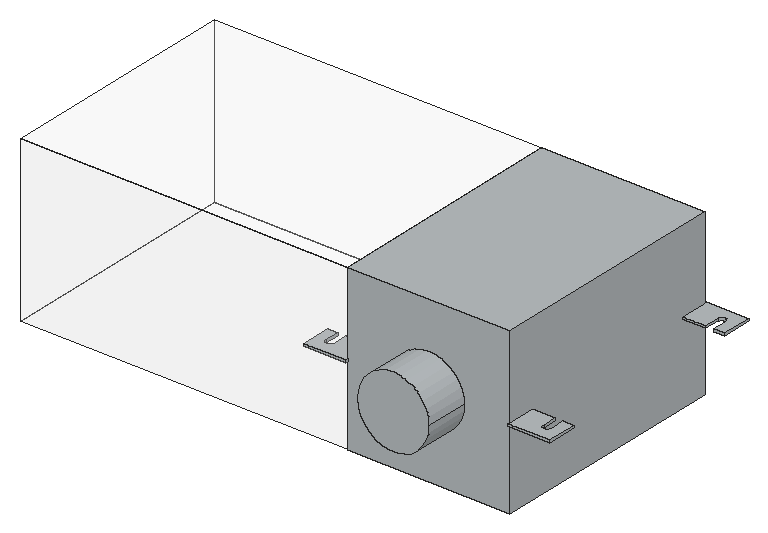
Revit family "bfs-15_240sg2_tg2_ta2_60Hz", category 機械設備, Revit 2019
Family settings
  丸型コネクタ寸法 = 直径を使用
  パーツ タイプ = 割り込み
  OmniClass 番号 = 23.75.35.17.27
  OmniClass タイトル = Centrifugal Fans
  作業面ベース = いいえ
  常に垂直 = はい
  ロード時にボイドで切り取り = いいえ
  共有 = いいえ
  部屋計算ポイント = はい
Parameters (values of type "BFS-15SG2")
  騒音レベル(dB(A))_吸込 = 30
  騒音レベル(dB(A))_吐出 = 34
  騒音レベル(dB(A))_側面 = 20
  騒音レベル(dB(A)) = 34
  風量 [instance] = 設計風量  # 0.0 m³/h
  電源種別 [instance] = "一般"
  電圧 = 100 V
  電動機出力 = 8 W
  電動機_種別 [instance] = ""
  運転質量 = 0.00 kg
  連動 [instance] = ""
  質量 = if(製品質量 > 運転質量, 製品質量, 運転質量) * 1.2  # 7.20 kg
  負荷分類 = 3_ファン類
  説明 = "ストレートシロッコファン天吊埋込タイプ（標準形）"
  設計風量 [instance] = 0.0 m³/h
  設置方法 = "天吊"
  記号 [instance] = ""
  製造元 = "三菱電機株式会社"
  製品質量 = 6.00 kg
  製品出荷対象 = "国内"
  製品リリース年月 = "2022年6月1日"
  製品グループ = ""
  系統 [instance] = ""
  符号 [instance] = if(☑給気／□排気, "FS", "FE")  # "FE"
  積算_科目 = "2 換気設備"
  積算_拾い区分 [instance] = ""
  相 = 1
  盤記号 [instance] = ""
  盤工事区分 = "電気工事"
  発停方法 [instance] = "別売スイッチ"
  番手 = "#1"
  特殊仕様 [instance] = ""
  火災停止 = ""
  消費電力 = 23.5 W
  法定耐用年数 = "15"
  機外静圧 [instance] = 0.0 Pa
  極数 = 2
  極 = 4
  材質 [instance] = ""
  本体マテリアル = 溶融亜鉛めっき鋼板
  操作・制御方式 = ""
  操作・制御スイッチ = ""
  排気量 [instance] = if(☑給気／□排気, 0.0 m³/h, 設計風量)  # 0.0 m³/h
  形式 = ""
  形名 = BFS-SG : BFS-15SG
  幹線記号 [instance] = ""
  対象室 [instance] = ""
  実風量 = 0.0 m³/h
  始動方式 [instance] = "直入"
  外気量 [instance] = if(☑給気／□排気, 設計風量, 0.0 m³/h)  # 0.0 m³/h
  呼称 = "消音ボックス付送風機"
  周波数 = 60 Hz
  天吊金具ピッチ幅 = 299 mm
  天吊金具ピッチ奥行 = 300 mm
  参照している仕様書等のバージョン = ""
  分類コード = "50052502100020"
  分類グループ = ""
  価格 = 42500
  企業コード = "108420"
  付属品_防振装置 = ""
  付属品 [instance] = ""
  仕様書バージョン = "Version1.0"
  モデル = "BFS-15SG2"
  ファンの種類 = "多翼形"
  ダクト径 = 100 mm
  サービススペース = yes
  コメント [instance] = ""
  Keynote = ""
  ☑給気／□排気 [instance] = no
  Width = 223 mm
  Version = ""
  Uniclass2015Version = "Systems v1.9"
  Uniclass2015Title = "Centrifugal fans"
  Uniclass2015Code = "Pr_65_67_29_12"
  URL = "https://www.mitsubishielectric.co.jp/ldg/wink/ssl/displayProduct.do?pid=319023"
  SpecificationReference = ""
  SpecificationDescription = ""
  Revision = ""
  ProductInformation = ""
  OmniClassCode = "23-33 31 19 13 15"
  MIN風量 = 96.0 m³/h
  MIN静圧 = 26.0 Pa
  MID風量 = 0.0 m³/h
  MID静圧 = 0.0 Pa
  MAX風量 = 150.0 m³/h
  MAX静圧 = 39.0 Pa
  M = 100 mm
  IfcTypeProduct = ""
  IfcProduct = ""
  IfcExportType = "CENTRIFUGALFORWARDCURVED"
  IfcExportAs = "IfcFanType"
  Height = 225 mm
  Depth = 335 mm
  Clearance Top = 0 mm  # constant formula
  Clearance Right = 0 mm  # constant formula
  Clearance Left = 450 mm  # constant formula
  Clearance Front = 0 mm  # constant formula
  Clearance Bottom = 0 mm  # constant formula
  Clearance Back = 0 mm  # constant formula
  Author = "三菱電機株式会社"
Types (18, lengths in mm): name | 騒音レベル(dB(A))_吸込 | 騒音レベル(dB(A))_吐出 | 騒音レベル(dB(A))_側面 | 騒音レベル(dB(A)) | 電圧 | 電動機出力 | 質量 | 製品質量 | 相 | 番手 | 消費電力 | 極数 | 形名 | 天吊金具ピッチ幅 | 天吊金具ピッチ奥行 | 参照している仕様書等のバージョン | 価格 | モデル | ダクト径 | Width | URL | MIN風量 | MIN静圧 | MAX風量 | MAX静圧 | M | Height | Depth
  BFS-15SG2 | 30 | 34 | 20 | 34 | 100 V | 8 W | 7.20 kg | 6.00 kg | 1 | "#1" | 23.5 W | 2 | BFS-SG : BFS-15SG | 299 | 300 | "" | 42500 | "BFS-15SG2" | 100 | 223 | "https://www.mitsubishielectric.co.jp/ldg/wink/ssl/displayProduct.do?pid=319023" | 96.0 m³/h | 26.0 Pa | 150.0 m³/h | 39.0 Pa | 100 | 225 | 335
  BFS-30SG2 | 36 | 40 | 23.5 | 40 | 100 V | 16 W | 7.20 kg | 6.00 kg | 1 | "#1" | 43.5 W | 2 | BFS-SG : BFS-30SG | 299 | 300 | "" | 61500 | "BFS-30SG2" | 150 | 223 | "https://www.mitsubishielectric.co.jp/ldg/wink/ssl/displayProduct.do?pid=319096" | 182.0 m³/h | 15.0 Pa | 300.0 m³/h | 39.0 Pa | 100 | 225 | 335
  BFS-40SG2 | 38 | 44 | 27 | 44 | 100 V | 25 W | 9.60 kg | 8.00 kg | 1 | "#1 1/4" | 66 W | 2 | BFS-SG : BFS-40SG | 331 | 353 | "" | 72600 | "BFS-40SG2" | 150 | 255 | "https://www.mitsubishielectric.co.jp/ldg/wink/ssl/displayProduct.do?pid=319101" | 273.0 m³/h | 30.0 Pa | 400.0 m³/h | 59.0 Pa | 100 | 255 | 388
  BFS-50SG2 | 37.5 | 49 | 25.5 | 49 | 100 V | 45 W | 12.60 kg | 10.50 kg | 1 | "#1 1/4" | 87.5 W | 2 | BFS-SG : BFS-50SG | 401 | 388 | "公共建築工事標準仕様書（機械設備工事編）平成31年度版" | 103000 | "BFS-50SG2" | 200 | 325 | "https://www.mitsubishielectric.co.jp/ldg/wink/ssl/displayProduct.do?pid=319109" | 380.0 m³/h | 100.0 Pa | 500.0 m³/h | 130.0 Pa | 100 | 255 | 423
  BFS-65SG2 | 38 | 51 | 29 | 51 | 100 V | 65 W | 15.60 kg | 13.00 kg | 1 | "#1 1/4" | 126 W | 2 | BFS-SG : BFS-65SG | 449 | 453 | "公共建築工事標準仕様書（機械設備工事編）平成31年度版" | 109000 | "BFS-65SG2" | 200 | 373 | "https://www.mitsubishielectric.co.jp/ldg/wink/ssl/displayProduct.do?pid=319120" | 498.0 m³/h | 91.0 Pa | 650.0 m³/h | 118.0 Pa | 100 | 305 | 488
  BFS-80SG2 | 39.5 | 53 | 30.5 | 53 | 100 V | 80 W | 16.20 kg | 13.50 kg | 1 | "#1 1/4" | 155 W | 2 | BFS-SG : BFS-80SG | 449 | 453 | "公共建築工事標準仕様書（機械設備工事編）平成31年度版" | 115000 | "BFS-80SG2" | 200 | 373 | "https://www.mitsubishielectric.co.jp/ldg/wink/ssl/displayProduct.do?pid=318896" | 600.0 m³/h | 88.0 Pa | 800.0 m³/h | 98.0 Pa | 100 | 305 | 488
  BFS-90SG2 | 41 | 55 | 32 | 55 | 100 V | 110 W | 18.60 kg | 15.50 kg | 1 | "#1 1/2" | 205 W | 2 | BFS-SG : BFS-90SG | 469 | 453 | "公共建築工事標準仕様書（機械設備工事編）平成31年度版" | 122000 | "BFS-90SG2" | 200 | 393 | "https://www.mitsubishielectric.co.jp/ldg/wink/ssl/displayProduct.do?pid=318809" | 684.0 m³/h | 110.0 Pa | 900.0 m³/h | 128.0 Pa | 100 | 305 | 488
  BFS-100SG2 | 43 | 58 | 34.5 | 58 | 100 V | 160 W | 19.20 kg | 16.00 kg | 1 | "#1 1/2" | 247 W | 2 | BFS-SG : BFS-100SG | 469 | 453 | "公共建築工事標準仕様書（機械設備工事編）平成31年度版" | 129000 | "BFS-100SG2" | 200 | 393 | "https://www.mitsubishielectric.co.jp/ldg/wink/ssl/displayProduct.do?pid=318845" | 865.0 m³/h | 187.0 Pa | 1000.0 m³/h | 145.0 Pa | 100 | 305 | 488
  BFS-120SG2 | 46.5 | 59 | 34.5 | 59 | 100 V | 200 W | 23.40 kg | 19.50 kg | 1 | "#1 1/2" | 352 W | 2 | BFS-SG : BFS-120SG | 467 | 555 | "公共建築工事標準仕様書（機械設備工事編）平成31年度版" | 140000 | "BFS-120SG2" | 250 | 391 | "https://www.mitsubishielectric.co.jp/ldg/wink/ssl/displayProduct.do?pid=318949" | 1030.0 m³/h | 195.0 Pa | 1200.0 m³/h | 220.0 Pa | 100 | 350 | 590
  BFS-150SG2 | 50 | 63 | 37.5 | 63 | 100 V | 340 W | 23.40 kg | 19.50 kg | 1 | "#1 1/2" | 498 W | 2 | BFS-SG : BFS-150SG | 467 | 555 | "公共建築工事標準仕様書（機械設備工事編）平成31年度版" | 149000 | "BFS-150SG2" | 250 | 391 | "https://www.mitsubishielectric.co.jp/ldg/wink/ssl/displayProduct.do?pid=318957" | 1243.0 m³/h | 184.0 Pa | 1500.0 m³/h | 180.0 Pa | 100 | 350 | 590
  BFS-80TG2 | 40 | 53 | 31.5 | 53 | 200 V | 80 W | 18.00 kg | 15.00 kg | 3 | "#1 1/4" | 148 W | 3 | BFS-TG : BFS-80TG | 449 | 453 | "公共建築工事標準仕様書（機械設備工事編）平成31年度版" | 115000 | "BFS-80TG2" | 200 | 373 | "https://www.mitsubishielectric.co.jp/ldg/wink/ssl/displayProduct.do?pid=318465" | 550.0 m³/h | 73.0 Pa | 800.0 m³/h | 98.0 Pa | 85 | 305 | 488
  BFS-90TG2 | 41 | 55 | 34 | 55 | 200 V | 100 W | 18.60 kg | 15.50 kg | 3 | "#1 1/2" | 194 W | 3 | BFS-TG : BFS-90TG | 469 | 453 | "公共建築工事標準仕様書（機械設備工事編）平成31年度版" | 122000 | "BFS-90TG2" | 200 | 393 | "https://www.mitsubishielectric.co.jp/ldg/wink/ssl/displayProduct.do?pid=318811" | 640.0 m³/h | 96.0 Pa | 900.0 m³/h | 128.0 Pa | 85 | 305 | 488
  BFS-100TG2 | 43 | 58 | 34 | 58 | 200 V | 150 W | 18.60 kg | 15.50 kg | 3 | "#1 1/2" | 237 W | 3 | BFS-TG : BFS-100TG | 469 | 453 | "公共建築工事標準仕様書（機械設備工事編）平成31年度版" | 129000 | "BFS-100TG2" | 200 | 393 | "https://www.mitsubishielectric.co.jp/ldg/wink/ssl/displayProduct.do?pid=318946" | 678.0 m³/h | 115.0 Pa | 1000.0 m³/h | 145.0 Pa | 85 | 305 | 488
  BFS-120TG2 | 46.5 | 58 | 35.5 | 58 | 200 V | 180 W | 23.40 kg | 19.50 kg | 3 | "#1 1/2" | 342 W | 3 | BFS-TG : BFS-120TG | 467 | 555 | "公共建築工事標準仕様書（機械設備工事編）平成31年度版" | 140000 | "BFS-120TG2" | 250 | 391 | "https://www.mitsubishielectric.co.jp/ldg/wink/ssl/displayProduct.do?pid=318953" | 821.0 m³/h | 121.0 Pa | 1200.0 m³/h | 220.0 Pa | 85 | 350 | 590
  BFS-150TG2 | 50 | 63 | 37.5 | 63 | 200 V | 280 W | 24.00 kg | 20.00 kg | 3 | "#1 1/2" | 440 W | 3 | BFS-TG : BFS-150TG | 467 | 555 | "公共建築工事標準仕様書（機械設備工事編）平成31年度版" | 149000 | "BFS-150TG2" | 250 | 391 | "https://www.mitsubishielectric.co.jp/ldg/wink/ssl/displayProduct.do?pid=318965" | 1057.0 m³/h | 132.0 Pa | 1500.0 m³/h | 180.0 Pa | 85 | 350 | 590
  BFS-180TG2 | 50 | 64 | 38.5 | 64 | 200 V | 360 W | 27.00 kg | 22.50 kg | 3 | "#1 1/2" | 573 W | 3 | BFS-TG : BFS-180TG | 552 | 610 | "公共建築工事標準仕様書（機械設備工事編）平成31年度版" | 170000 | "BFS-180TG2" | 250 | 476 | "https://www.mitsubishielectric.co.jp/ldg/wink/ssl/displayProduct.do?pid=319027" | 0.0 m³/h | 0.0 Pa | 1800.0 m³/h | 167.0 Pa | 85 | 350 | 645
  BFS-210TG2 | 52.5 | 67 | 40 | 67 | 200 V | 490 W | 27.00 kg | 22.50 kg | 3 | "#1 1/2" | 665 W | 3 | BFS-TG : BFS-210TG | 552 | 610 | "公共建築工事標準仕様書（機械設備工事編）平成31年度版" | 243000 | "BFS-210TG2" | 300 | 476 | "https://www.mitsubishielectric.co.jp/ldg/wink/ssl/displayProduct.do?pid=319036" | 0.0 m³/h | 0.0 Pa | 2100.0 m³/h | 191.0 Pa | 100 | 350 | 645
  BFS-240TA2 | 51.5 | 69 | 42.5 | 69 | 200 V | 1100 W | 39.60 kg | 33.00 kg | 3 | "#1 1/2" | 810 W | 3 | BFS-TG : BFS-240TA | 602 | 664 | "公共建築工事標準仕様書（機械設備工事編）平成31年度版" | 250000 | "BFS-240TA2" | 300 | 493 | "https://www.mitsubishielectric.co.jp/ldg/wink/ssl/displayProduct.do?pid=319087" | 0.0 m³/h | 0.0 Pa | 2400.0 m³/h | 220.0 Pa | 100 | 373 | 717
Reference planes
  plane 1 "中心(正面/背面)": y = 0
  plane 2: z = 0
  plane 3 "中心(左/右)": x = -50
  plane 4 "左": x = -161.5
  plane 5 "右": x = 61.5
  plane 6 "背面": y = 167.5
  plane 7 "正面": y = -167.5
  plane 8: z = 112.5
  plane 9: y = 150
  plane 10: y = -150
  plane 11: x = 99.5
  plane 12: x = -199.5
  plane 13: z = -112.5
  plane 14: y = 167.5
  plane 15: y = -167.5
  plane 16: x = 61.5
  plane 17: x = -611.5
  plane 18: z = 112.5
  plane 19: z = -112.5
Lines and regions (mm)
  Masking region 1, detail levels coarse+medium
    outline origin (-485.612, -827.334, 0) x (1, 0, 0) y (0, 1, 0)
      loop
        line (324.112, 659.834) -> (547.112, 659.834) -> (547.112, 994.834) -> (324.112, 994.834) -> (324.112, 659.834)
  symbolic lines, detail levels coarse+medium
    curve 1: line (-161.5, 167.5, 0) -> (61.5, 0, 0)
    curve 2: line (61.5, 0, 0) -> (-161.5, -167.5, 0)
Dimensions and locks
  "Width": plane 4 "左" to plane 5 "右"
  equal spacing: plane 7 "正面", plane 1 "中心(正面/背面)", plane 6 "背面"
  "Depth": plane 7 "正面" to plane 6 "背面"
  equal spacing: plane 8, level, plane 13
  "Height": plane 8 to plane 13
  "Clearance Top": plane 18 to plane 8
  "Clearance Bottom": plane 13 to plane 19
  "Clearance Back": plane 6 "背面" to plane 14
  "Clearance Front": plane 15 to plane 7 "正面"
  "Clearance Left": plane 17 to plane 4 "左"
  "Clearance Right": plane 5 "右" to plane 16
  "天吊金具ピッチ幅": plane 12 to plane 11
  equal spacing: plane 10, plane 1 "中心(正面/背面)", plane 9
  "天吊金具ピッチ奥行": plane 10 to plane 9
  equal spacing: plane 12, plane 3 "中心(左/右)", plane 11
  equal spacing: plane 4 "左", plane 3 "中心(左/右)", plane 5 "右"
  aligned and locked: level to plane 2
  aligned and locked: nested 2 to plane 9
  aligned and locked: plane 10 to nested 2
  aligned and locked: plane 12 to nested 2
  aligned and locked: plane 11 to nested 2
  aligned and locked: plane 8 to nested 1
  aligned and locked: nested 1 to plane 13
  aligned and locked: plane 17 to nested 3
  aligned and locked: plane 18 to nested 3
  aligned and locked: plane 19 to nested 3
  aligned and locked: plane 1 "中心(正面/背面)" to nested 1
  aligned and locked: plane 14 to nested 3
  aligned and locked: plane 15 to nested 3
  aligned and locked: plane 4 "左" to nested 3
  aligned and locked: nested 1 to plane 3 "中心(左/右)"
  aligned and locked: plane 5 "右" to Masking region 1
  aligned and locked: Masking region 1 to plane 4 "左"
  aligned and locked: Masking region 1 to plane 6 "背面"
  aligned and locked: plane 7 "正面" to Masking region 1
Automatic sketch dimensions
  plane 17 to Masking region 1 sketch curve = 450 mm
  plane 3 "中心(左/右)" to Masking region 1 sketch curve = 111.5 mm
  plane 7 "正面" to Masking region 1 sketch curve = 0 mm
  Masking region 1 sketch curve to plane 10 = 317.5 mm
  curve 2 to plane 4 "左" = 0 mm
  curve 1 to plane 4 "左" = 0 mm
  curve 2 to plane 5 "右" = 0 mm
  plane 1 "中心(正面/背面)" to curve 1 = 0 mm
  plane 7 "正面" to curve 2 = 0 mm
  plane 6 "背面" to curve 1 = 0 mm
Nested families
  nested 1: "BFS-SG" at (-50, 0, -112.5) x (0, -1, 0) z (0, 0, 1), type <- "形名", type "BFS-15SG"
  nested 2: "固定点" at (-199.5, -150, 0), type "固定点"
    with W 299 mm, D 300 mm
  nested 3: "サービススペース" at (-386.5, 0, 0), visible <- "サービススペース", type "サービススペース"
    with Width 450 mm, Height 225 mm, Depth 335 mm
Connectors
  hvac at (-50, -227.5, 0), driven by "ダクト径", driven by "機外静圧", driven by "風量"
    settings: on nested 1, index 2, duct flow 0.0 m³/h, flow factor 0, pres drop 0.0 Pa, loss coef 0, conn angle 0.00°, conn width 304.8 mm, conn height 304.8 mm, conn diameter 100 mm, duct sys type 29, conn prof type 0, flow config 0, flow direction 2, loss method 4, conn ref index -1, conn util no, is conn primary yes, conn desc "Out"
  hvac at (-50, 227.5, 0), driven by "ダクト径", driven by "機外静圧", driven by "風量"
    settings: on nested 1, index 3, duct flow 0.0 m³/h, flow factor 0, pres drop 0.0 Pa, loss coef 0, conn angle 0.00°, conn width 304.8 mm, conn height 304.8 mm, conn diameter 100 mm, duct sys type 29, conn prof type 0, flow config 0, flow direction 1, loss method 4, conn ref index -1, conn util no, is conn primary no, conn desc "In"
  electrical at (-182.1, -48.05, -20.1), driven by "極数", driven by "負荷分類", driven by "電圧", driven by "消費電力", driven by "消費電力"
    settings: on nested 1, index 4, voltage 100 V, apparent load 23.5 VA, apparent load phase1 23.5 VA, apparent load phase2 0 VA, apparent load phase3 0 VA, power factor 1, load classification "3_ファン類", number of poles 2, system type 30, power factor state 1, is connector primary yes, connector utility no, sub classification motor no, connector description ""
Definition of nested family "BFS-SG"
  Parameters (values of type "BFS-15SG")
    端子カバー高 = 99 mm  # constant formula
    端子カバー手前位置 = 53.7 mm
    端子カバー幅 = 20.6 mm  # constant formula
    端子カバー奥行 = 131.5 mm  # constant formula
    端子カバー上位置 = 83.1 mm
    マテリアル = none
    φ = 98 mm
    Φ = 110 mm
    b = 234 mm
    a = 60 mm
    W = 335 mm
    H = 225 mm
    c = 42 mm
    D = 223 mm
  Types (10, lengths in mm): name | 端子カバー手前位置 | 端子カバー上位置 | φ | Φ | b | a | W | H | c | D
    BFS-15SG | 53.7 | 83.1 | 98 | 110 | 234 | 60 | 335 | 225 | 42 | 223
    BFS-30SG | 53.7 | 83.1 | 142 | 160 | 234 | 70 | 335 | 225 | 42 | 223
    BFS-40SG | 62.3 | 106.7 | 142 | 160 | 291 | 70 | 388 | 255 | 51 | 255
    BFS-50SG | 62.3 | 106.7 | 192 | 208 | 264 | 85 | 423 | 255 | 51 | 325
    BFS-65SG | 63.9 | 139.9 | 192 | 208 | 391 | 85 | 488 | 305 | 52 | 373
    BFS-80SG | 63.9 | 139.9 | 192 | 208 | 391 | 85 | 488 | 305 | 52 | 373
    BFS-90SG | 63.9 | 139 | 192 | 208 | 391 | 85 | 488 | 305 | 52 | 393
    BFS-100SG | 63.9 | 139 | 192 | 208 | 391 | 85 | 488 | 305 | 52 | 393
    BFS-120SG | 81.3 | 54.9 | 242 | 258 | 391 | 85 | 590 | 350 | 70 | 391
    BFS-150SG | 81.3 | 54.9 | 242 | 258 | 391 | 85 | 590 | 350 | 70 | 391
  Reference planes
    plane 1 "中心(正面/背面)": y = 0
    plane 2: z = 0
    plane 3 "中心(左/右)": x = 0
    plane 4: y = 111.5
    plane 5: y = 149.5
    plane 6: y = 169.5
    plane 7: y = -111.5
    plane 8: y = -149.5
    plane 9: y = -169.5
    plane 10: x = -167.5
    plane 11: x = -150
    plane 12: x = -170.5
    plane 13: x = 167.5
    plane 14: x = 150
    plane 15: x = 170.5
    plane 16: z = 225
    plane 17: z = 600
    plane 18: z = 900
    plane 19: z = 1200
    plane 20: x = -120.2
    plane 21: x = 113.8
    plane 22: x = 227.5
    plane 23: x = -227.5
    plane 24: z = 112.5
    plane 25: z = 109.5
    plane 26: z = 71.5
    plane 27: x = -129.5
    plane 28: y = -114.5
    plane 29: z = 94.5
    plane 30: x = 129.5
    plane 31: y = 114.5
    plane 32: x = -17.7
    plane 33: z = 141.9
    plane 34: z = 42.9
    plane 35: y = -132.1
    plane 36: z = 131.9
    plane 37: z = 52.9
    plane 38: x = 93.8
    plane 39: x = 2.3
  Forms (mm)
    Extrusion 1, solid, material <- "マテリアル", detail levels fine
      sketch origin (0, 0, 0) x (1, 0, 0) y (0, 1, 0)
        loop
          line (-167.5, 111.5) -> (-167.5, -111.5) -> (167.5, -111.5) -> (167.5, 111.5) -> (-167.5, 111.5)
      from 0 to 225
    Extrusion 2, solid, material <- "マテリアル", detail levels fine
      sketch origin (0, 0, 0) x (1, 0, 0) y (0, 1, 0)
        loop
          line (-170.5, -111.5) -> (-170.5, -169.5) -> (-129.5, -169.5) -> (-129.5, -155) -> (-150, -155)
          arc (-150, -155) -> (-155.5, -149.5) -> (-150, -144) r 5.5
          line (-150, -144) -> (-129.5, -144) -> (-129.5, -111.5) -> (-170.5, -111.5)
      from 109.5 to 112.5
    Extrusion 3, solid, material <- "マテリアル", detail levels fine
      sketch origin (0, 0, 0) x (1, 0, 0) y (0, 1, 0)
        loop
          line (-170.5, 111.5) -> (-129.5, 111.5) -> (-129.5, 144) -> (-150, 144)
          arc (-150, 144) -> (-155.5, 149.5) -> (-150, 155) r 5.5
          line (-150, 155) -> (-129.5, 155) -> (-129.5, 169.5) -> (-170.5, 169.5) -> (-170.5, 111.5)
      from 109.5 to 112.5
    Extrusion 4, solid, material <- "マテリアル", detail levels fine
      sketch origin (0, 0, 0) x (-1, 0, 0) y (0, -1, 0)
        loop
          line (-170.5, -111.5) -> (-170.5, -169.5) -> (-129.5, -169.5) -> (-129.5, -155) -> (-150, -155)
          arc (-150, -155) -> (-155.5, -149.5) -> (-150, -144) r 5.5
          line (-150, -144) -> (-129.5, -144) -> (-129.5, -111.5) -> (-170.5, -111.5)
      from 109.5 to 112.5
    Extrusion 5, solid, material <- "マテリアル", detail levels fine
      sketch origin (0, 0, 0) x (-1, 0, 0) y (0, -1, 0)
        loop
          line (-170.5, 111.5) -> (-129.5, 111.5) -> (-129.5, 144) -> (-150, 144)
          arc (-150, 144) -> (-155.5, 149.5) -> (-150, 155) r 5.5
          line (-150, 155) -> (-129.5, 155) -> (-129.5, 169.5) -> (-170.5, 169.5) -> (-170.5, 111.5)
      from 109.5 to 112.5
    Extrusion 6, solid, material <- "マテリアル", detail levels fine
      sketch origin (0, 0, 0) x (0, 1, 0) y (0, 0, 1)
        loop
          circle (0, 112.5) r 49
      from -167.5 to -227.5
    Extrusion 7, solid, material <- "マテリアル", detail levels fine
      sketch origin (0, 0, 0) x (0, 1, 0) y (0, 0, -1)
        loop
          circle (0, -112.5) r 49
      from -167.5 to -227.5
    Extrusion 8, solid, material <- "マテリアル", detail levels fine
      sketch origin (0, 0, 0) x (1, 0, 0) y (0, 0, 1)
        loop
          line (113.8, 141.9) -> (-17.7, 141.9) -> (-17.7, 42.9) -> (113.8, 42.9) -> (113.8, 141.9)
      from 111.5 to 132.1
  Dimensions and locks
    plane 12 to plane 15 = 341 mm
    plane 11 to plane 14 = 300 mm
    "W": plane 10 to plane 13
    plane 9 to plane 6 = 339 mm
    plane 8 to plane 5 = 299 mm
    "D": plane 7 to plane 4
    equal spacing: plane 7, plane 1 "中心(正面/背面)", plane 4
    equal spacing: plane 10, plane 3 "中心(左/右)", plane 13
    "H": plane 16 to level
    locked: plane 4 to plane 5 at 38
    locked: plane 5 to plane 6 at 20
    locked: plane 8 to plane 7 at 38
    locked: plane 9 to plane 8 at 20
    locked: plane 10 to plane 11 at 17.5
    locked: plane 14 to plane 13 at 17.5
    locked: plane 13 to plane 15 at 3
    locked: plane 12 to plane 10 at 3
    equal spacing: plane 16, plane 24, level
    locked: plane 24 to plane 25 at 3
    locked: plane 24 to plane 26 at 41
    locked: plane 12 to plane 27 at 41
    locked: plane 28 to plane 7 at 3
    locked: plane 25 to plane 29 at 15
    locked: plane 30 to plane 15 at 41
    locked: plane 31 to plane 4 at 3
    "a": plane 23 to plane 10
    "a": plane 13 to plane 22
    "端子カバー手前位置": plane 13 to plane 21
    "b": plane 21 to plane 20
    "端子カバー奥行": plane 21 to plane 32
    "端子カバー高": plane 33 to plane 34
    "端子カバー幅": plane 35 to plane 7
    locked: plane 33 to plane 36 at 10
    locked: plane 37 to plane 34 at 10
    locked: plane 39 to plane 32 at 20
    locked: plane 21 to plane 38 at 20
    "端子カバー上位置": plane 16 to plane 33
    "φ": diameter of Extrusion 6 sketch curve
    "φ": diameter of Extrusion 7 sketch curve
    aligned and locked: level to plane 2
    aligned and locked: plane 4 to Extrusion 1 sketch curve
    aligned and locked: plane 10 to Extrusion 1 sketch curve
    aligned and locked: Extrusion 1 sketch curve to plane 7
    aligned and locked: Extrusion 1 sketch curve to plane 13
    aligned and locked: plane 16 to Extrusion 1
    aligned and locked: plane 7 to Extrusion 2 sketch curve
    aligned and locked: plane 12 to Extrusion 2 sketch curve
    aligned and locked: Extrusion 2 sketch curve to plane 9
    aligned and locked: Extrusion 2 sketch curve to plane 27  (x2)
    aligned and locked: plane 11 to Extrusion 2 sketch curve
    aligned and locked: plane 8 to Extrusion 2 sketch curve
    aligned and locked: plane 24 to Extrusion 2
    aligned and locked: Extrusion 2 to plane 25
    aligned and locked: plane 27 to Extrusion 3 sketch curve  (x2)
    aligned and locked: plane 5 to Extrusion 3 sketch curve
    aligned and locked: plane 11 to Extrusion 3 sketch curve
    aligned and locked: Extrusion 3 sketch curve to plane 6
    aligned and locked: Extrusion 3 sketch curve to plane 12
    aligned and locked: plane 4 to Extrusion 3 sketch curve
    aligned and locked: plane 24 to Extrusion 3
    aligned and locked: Extrusion 3 to plane 25
    aligned and locked: Extrusion 4 to plane 6
    aligned and locked: plane 15 to Extrusion 4
    aligned and locked: Extrusion 4 to plane 30
    aligned and locked: plane 30 to Extrusion 4 sketch curve  (x2)
    aligned and locked: plane 6 to Extrusion 4 sketch curve
    aligned and locked: Extrusion 4 sketch curve to plane 15
    aligned and locked: plane 5 to Extrusion 4 sketch curve
    aligned and locked: plane 14 to Extrusion 4 sketch curve
    aligned and locked: Extrusion 4 sketch curve to plane 4
    aligned and locked: Extrusion 4 to plane 25
    aligned and locked: plane 24 to Extrusion 4
    aligned and locked: plane 9 to Extrusion 5 sketch curve
    aligned and locked: plane 15 to Extrusion 5 sketch curve
    aligned and locked: Extrusion 5 sketch curve to plane 7
    aligned and locked: Extrusion 5 sketch curve to plane 30  (x2)
    aligned and locked: plane 14 to Extrusion 5 sketch curve
    aligned and locked: plane 8 to Extrusion 5 sketch curve
    aligned and locked: Extrusion 5 to plane 25
    aligned and locked: plane 24 to Extrusion 5
    aligned and locked: plane 1 "中心(正面/背面)" to Extrusion 6 sketch curve
    aligned and locked: plane 24 to Extrusion 6 sketch curve
    aligned and locked: Extrusion 6 to plane 23
    aligned and locked: plane 24 to Extrusion 7 sketch curve
    aligned and locked: plane 1 "中心(正面/背面)" to Extrusion 7 sketch curve
    aligned and locked: plane 22 to Extrusion 7
    aligned and locked: plane 33 to Extrusion 8 sketch curve
    aligned and locked: plane 21 to Extrusion 8 sketch curve
    aligned and locked: Extrusion 8 sketch curve to plane 34
    aligned and locked: Extrusion 8 sketch curve to plane 32
    aligned and locked: Extrusion 8 to plane 7
    aligned and locked: plane 35 to Extrusion 8
    aligned and locked: Extrusion 7 to plane 13
    aligned and locked: plane 10 to Extrusion 6
  Automatic sketch dimensions
    Extrusion 2 sketch curve to plane 11 = 0 mm
    plane 8 to Extrusion 2 sketch curve = 5.5 mm
    Extrusion 3 sketch curve to plane 11 = 0 mm
    plane 5 to Extrusion 3 sketch curve = 5.5 mm
    Extrusion 4 sketch curve to plane 14 = 0 mm
    Extrusion 4 sketch curve to plane 5 = 5.5 mm
    Extrusion 5 sketch curve to plane 14 = 0 mm
    Extrusion 5 sketch curve to plane 8 = 5.5 mm
Definition of nested family "サービススペース"
  Parameters (values of type "サービススペース")
    Width [instance] = 500 mm
    Height [instance] = 500 mm
    Depth [instance] = 500 mm
  Reference planes
    plane 1 "中心(正面/背面)": y = 0
    plane 2: z = 0
    plane 3 "中心(左/右)": x = 0
    plane 4: y = -250
    plane 5: x = 250
    plane 6: y = 250
    plane 7: x = -250
    plane 8: z = 250
    plane 9: z = -250
  Forms (mm)
    Extrusion 1, solid
      sketch origin (-638.939, 0, 72.39) x (1, 0, 0) y (0, 1, 0)
        loop
          line (388.939, 250) -> (388.939, -250) -> (888.939, -250) -> (888.939, 250) -> (388.939, 250)
      from -322.39 to 177.61
  Lines and regions (mm)
    symbolic lines
      curve 1: line (-250, 0, 250) -> (250, 0, 250)
      curve 2: line (-250, 0, -250) -> (-250, 0, 250)
      curve 3: line (250, 0, -250) -> (-250, 0, -250)
      curve 4: line (250, 0, 250) -> (250, 0, -250)
      curve 5: line (0, -250, 250) -> (0, 250, 250)
      curve 6: line (0, -250, -250) -> (0, -250, 250)
      curve 7: line (0, 250, -250) -> (0, -250, -250)
      curve 8: line (0, 250, 250) -> (0, 250, -250)
      curve 9: line (-250, 250, 0) -> (250, 250, 0)
      curve 10: line (-250, -250, 0) -> (-250, 250, 0)
      curve 11: line (250, -250, 0) -> (-250, -250, 0)
      curve 12: line (250, 250, 0) -> (250, -250, 0)
  Dimensions and locks
    equal spacing: plane 7, plane 3 "中心(左/右)", plane 5
    equal spacing: plane 4, plane 1 "中心(正面/背面)", plane 6
    "Depth": plane 4 to plane 6
    "Width": plane 7 to plane 5
    equal spacing: plane 8, plane 2, plane 9
    "Height": plane 8 to plane 9
    aligned and locked: plane 9 to curve 3
    aligned and locked: plane 7 to curve 2
    aligned and locked: curve 4 to plane 5
    aligned and locked: plane 5 to Extrusion 1
    aligned and locked: Extrusion 1 to plane 7
    aligned and locked: Extrusion 1 to plane 9
    aligned and locked: plane 8 to Extrusion 1
    aligned and locked: plane 9 to curve 7
  Automatic sketch dimensions
    plane 4 to Extrusion 1 sketch curve = 0 mm
    Extrusion 1 sketch curve to plane 7 = 0 mm
    Extrusion 1 sketch curve to plane 5 = 0 mm
    plane 6 to Extrusion 1 sketch curve = 0 mm
    curve 2 to plane 8 = 0 mm
    plane 4 to curve 11 = 0 mm
    curve 11 to plane 7 = 0 mm
    curve 11 to plane 5 = 0 mm
    plane 6 to curve 10 = 0 mm
    curve 7 to plane 4 = 0 mm
    curve 7 to plane 6 = 0 mm
    curve 6 to plane 8 = 0 mm
Definition of nested family "固定点"
  Parameters (values of type "固定点")
    中心円 = 11 mm
    W [instance] = 1000 mm
    D [instance] = 1000 mm
  Reference planes
    plane 1 "中心(正面/背面)": y = 0
    plane 2: z = 0
    plane 3 "中心(左/右)": x = 0
    plane 4: x = 1000
    plane 5: y = 1000
  Lines and regions (mm)
    symbolic lines, detail levels fine
      curve 1: circle (0, 1000, 0) r 5.5 normal (0, 0, 1)
      curve 2: circle (0, 0, 0) r 5.5 normal (0, 0, 1)
      curve 3: circle (1000, 1000, 0) r 5.5 normal (0, 0, 1)
      curve 4: circle (1000, 0, 0) r 5.5 normal (0, 0, 1)
      curve 5: line (-200, 1000, 0) -> (1200, 1000, 0)
      curve 6: line (-200, 0, 0) -> (1200, 0, 0)
      curve 7: line (0, 1200, 0) -> (0, -200, 0)
      curve 8: line (1000, 1200, 0) -> (1000, -200, 0)
  Dimensions and locks
    "W": plane 3 "中心(左/右)" to plane 4
    "D": plane 1 "中心(正面/背面)" to plane 5
    "中心円": diameter of curve 1
    "中心円": diameter of curve 2
    "中心円": diameter of curve 3
    "中心円": diameter of curve 4
    aligned and locked: level to plane 2
    aligned and locked: plane 5 to curve 1
    aligned and locked: plane 3 "中心(左/右)" to curve 1
    aligned and locked: plane 3 "中心(左/右)" to curve 2
    aligned and locked: plane 1 "中心(正面/背面)" to curve 2
    aligned and locked: plane 4 to curve 3
    aligned and locked: plane 5 to curve 3
    aligned and locked: plane 1 "中心(正面/背面)" to curve 4
    aligned and locked: plane 4 to curve 4
    aligned and locked: plane 1 "中心(正面/背面)" to curve 6
    aligned and locked: curve 7 to plane 3 "中心(左/右)"
    aligned and locked: curve 8 to plane 4
  Automatic sketch dimensions
    curve 5 to plane 5 = 0 mm
    curve 6 to plane 3 "中心(左/右)" = 200 mm
    curve 5 to plane 3 "中心(左/右)" = 200 mm
    curve 4 to curve 6 = 200 mm
    curve 3 to curve 5 = 200 mm
    plane 1 "中心(正面/背面)" to curve 8 = 200 mm
    plane 1 "中心(正面/背面)" to curve 7 = 200 mm
    curve 3 to curve 8 = 200 mm
    curve 1 to curve 7 = 200 mm
